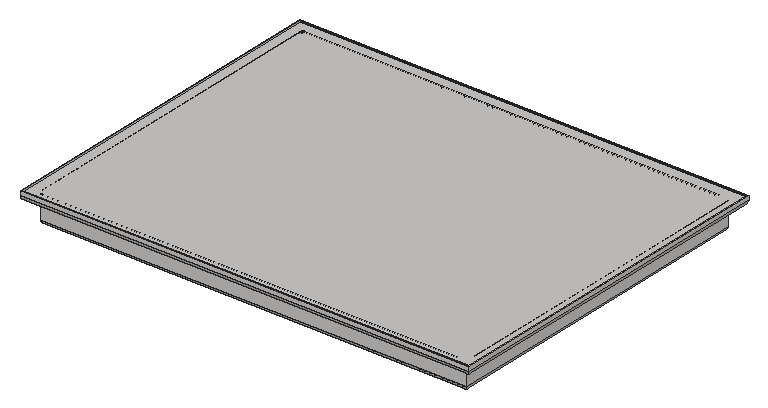
Revit family "Gorter RV 800x600mm", category Generic Models, host Face, Revit 2019
Family settings
  Host = Face
  Can host rebar = No
  Round Connector Dimension = Use Diameter
  Part Type = Normal
  Cut with Voids When Loaded = Yes
  Shared = Yes
  Room Calculation Point = No
Parameters (values of type "RV 800x600mm")
  vullen_met_beton = "ja"  # constant formula
  vergrendeling = "nee"  # constant formula
  uitwendige_lengte = 705 mm
  uitwendige_breedte = 905 mm
  sluiting = "4"  # constant formula
  scharnierend = "nee"  # constant formula
  rubberen_afdichting = "enkel"  # constant formula
  productgroep = ""
  materiaal = bcb_staal
  inbouwhoogte [instance] = 75 mm
  geïsoleerd = "nee"  # constant formula
  gewicht = "37"
  gasdrukveer = "nee"  # constant formula
  brandwerend 90 min = "nee"  # constant formula
  binnenmaat_lengte = uitwendige_lengte - 105 mm  # 600 mm
  binnenmaat_breedte = uitwendige_breedte - 105 mm  # 800 mm
  binnenluik = "tbv betonvulling"  # constant formula
  belasting = "15 kN"  # constant formula
  URL = ""
  Model = "RV"  # constant formula
  Manufacturer = "Gorter"  # constant formula
  Description = "RV 86"
  Default Elevation = 0 mm
Types (6, lengths in mm): name | uitwendige_lengte | uitwendige_breedte | gewicht | binnenmaat_lengte | binnenmaat_breedte | Description
  (no name) | 705 | 905 | "37" | 600 | 800 | "RV 86"
  RV 600x400mm | 505 | 705 | "22" | 400 | 600 | "RV 64"
  RV 600x600mm | 705 | 705 | "29" | 600 | 600 | "RV 66"
  RV 800x600mm | 705 | 905 | "37" | 600 | 800 | "RV 86"
  RV 800x800mm | 905 | 905 | "45" | 800 | 800 | "RV 88"
  RV 1000x1000mm | 1105 | 1105 | "45" | 1000 | 1000 | "RV 110"
Reference planes
  plane 1 "Center (Front/Back)": y = 0
  plane 2: z = 0
  plane 3 "Center (Left/Right)": x = 0
  plane 4: y = 352.5
  plane 5: y = -352.5
  plane 6: x = 452.5
  plane 7: x = -452.5
  plane 8: z = -75
  plane 9: x = -400
  plane 10: y = 300
  plane 11: y = -300
  plane 12: x = 400
  plane 13: x = -290.5
  plane 14: x = 290.5
  plane 15: y = -190.5
  plane 16: y = 190.5
  plane 17: x = -450.5
  plane 18: x = 450.5
  plane 19: y = 350.5
  plane 20: y = -350.5
Forms (mm)
  Sweep 1, solid, material "bcb_staal" <- "materiaal", detail levels medium+fine
    path origin (0, 0, 0) x (1, 0, 0) y (0, 1, 0)
      loop
        line (-452.5, 352.5) -> (-452.5, -352.5) -> (452.5, -352.5) -> (452.5, 352.5) -> (-452.5, 352.5)
    profile origin (-452.5, 0, 0) x (-1, 0, 0) y (0, 0, 1)
      loop
        line (-2.047, 0) -> (-2.047, -8.5)
        arc (-2.047, -8.5) -> (-5.504, -13.256) -> (-11.095, -11.435) r 5
        line (-11.095, -11.435) -> (-14.687, -6.482)
        arc (-14.687, -6.482) -> (-21.396, -4.292) -> (-25.547, -10) r 6
        line (-25.547, -10) -> (-25.547, -55.5)
        arc (-25.547, -55.5) -> (-26.28, -57.268) -> (-28.047, -58) r 2.5
        line (-28.047, -58) -> (-52.5, -58) -> (-52.5, -60) -> (-28.547, -60)
        arc (-28.547, -60) -> (-25.012, -58.536) -> (-23.547, -55) r 5
        line (-23.547, -55) -> (-23.547, -10)
        arc (-23.547, -10) -> (-20.781, -6.195) -> (-16.308, -7.654) r 4
        line (-16.308, -7.654) -> (-12.714, -12.609)
        arc (-12.714, -12.609) -> (-4.887, -15.158) -> (-0.047, -8.5) r 7
        line (-0.047, -8.5) -> (-0.047, 0) -> (-2.047, 0)
  Sweep 2, solid, material "bcb_staal" <- "materiaal", detail levels coarse
    path origin (0, 0, 0) x (1, 0, 0) y (0, 1, 0)
      loop
        line (-452.5, 352.5) -> (-452.5, -352.5) -> (452.5, -352.5) -> (452.5, 352.5) -> (-452.5, 352.5)
    profile origin (-452.5, 0, 0) x (-1, 0, 0) y (0, 0, 1)
      loop
        line (-0.047, 0) -> (-25.547, 0) -> (-25.547, -56) -> (-52.5, -56) -> (-52.5, -60) -> (-23.547, -60) -> (-23.547, -15.5) -> (-0.047, -15.5) -> (-0.047, 0)
  Extrusion 3, void
    sketch origin (0, 0, 0) x (1, 0, 0) y (0, 1, 0)
      loop
        line (-290.5, -190.5) -> (290.5, -190.5) -> (290.5, 190.5) -> (-290.5, 190.5) -> (-290.5, -190.5)
    from -500 to 10
  Sweep 4, void
    path origin (0, 0, 0) x (1, 0, 0) y (0, 1, 0)
      loop
        line (-452.5, 352.5) -> (-452.5, -352.5) -> (452.5, -352.5) -> (452.5, 352.5) -> (-452.5, 352.5)
    profile origin (-452.5, 0, 0) x (-1, 0, 0) y (0, 0, 1)
      loop
        line (-23.547, -60) -> (-23.547, -15.5) -> (0, -15.5) -> (0, 5) -> (-162, 5) -> (-162, -365) -> (-52.5, -365) -> (-52.5, -60) -> (-23.547, -60)
  Extrusion 5, solid, material "bcb_staal"
    sketch origin (0, 0, 0) x (1, 0, 0) y (0, 1, 0)
      loop
        line (-450.5, 350.5) -> (-450.5, -350.5) -> (450.5, -350.5) -> (450.5, 350.5) -> (-450.5, 350.5)
    from -4 to -1
Dimensions and locks
  equal spacing: plane 7, plane 3 "Center (Left/Right)", plane 6
  "uitwendige_breedte": plane 7 to plane 6
  equal spacing: plane 4, plane 1 "Center (Front/Back)", plane 5
  "uitwendige_lengte": plane 4 to plane 5
  locked: plane 4 to plane 10 at 52.5
  locked: plane 7 to plane 9 at 52.5
  locked: plane 12 to plane 6 at 52.5
  locked: plane 5 to plane 11 at 52.5
  locked: plane 9 to plane 13 at 109.5
  locked: plane 14 to plane 12 at 109.5
  locked: plane 15 to plane 11 at 109.5
  locked: plane 10 to plane 16 at 109.5
  locked: plane 18 to plane 6 at 2
  locked: plane 7 to plane 17 at 2
  locked: plane 4 to plane 19 at 2
  locked: plane 20 to plane 5 at 2
  aligned and locked: plane 2 to host face
  aligned and locked: level to host face
  aligned and locked: Sweep 1 sketch curve to plane 4
  aligned and locked: plane 7 to Sweep 1 sketch curve
  aligned and locked: plane 5 to Sweep 1 sketch curve
  aligned and locked: Sweep 1 sketch curve to plane 6
  aligned and locked: Extrusion 3 to plane 16
  aligned and locked: Extrusion 3 to plane 14
  aligned and locked: Extrusion 3 to plane 15
  aligned and locked: Extrusion 3 to plane 13
  aligned and locked: Sweep 4 sketch curve to plane 4
  aligned and locked: Sweep 4 sketch curve to plane 6
  aligned and locked: plane 5 to Sweep 4 sketch curve
  aligned and locked: plane 7 to Sweep 4 sketch curve
  aligned and locked: Extrusion 5 sketch curve to plane 19
  aligned and locked: plane 17 to Extrusion 5 sketch curve
  aligned and locked: plane 20 to Extrusion 5 sketch curve
  aligned and locked: Extrusion 5 sketch curve to plane 18
Automatic sketch dimensions
  host sketch curve to host sketch curve = 2000 mm  (x2)
  Extrusion 3 sketch curve to plane 11 = 109.5 mm
  Extrusion 3 sketch curve to plane 1 "Center (Front/Back)" = 190.5 mm
  Extrusion 3 sketch curve to plane 13 = 0 mm
  Extrusion 3 sketch curve to plane 14 = 0 mm
  Sweep 2 sketch curve to plane 5 = 0 mm
  Sweep 2 sketch curve to plane 7 = 0 mm
  Sweep 2 sketch curve to plane 6 = 0 mm
  Sweep 2 sketch curve to plane 4 = 0 mm
  Sweep 4 sketch curve to profile plane = 0 mm
  level to Sweep 4 sketch curve = 5 mm
  profile plane to Sweep 4 sketch curve = 23.547 mm
  Sweep 4 sketch curve to level = 15.5 mm
  Sweep 4 sketch curve to Sweep 4 sketch curve = 44.5 mm
  Sweep 4 sketch curve to Sweep 4 sketch curve = 305 mm
  Sweep 4 sketch curve to Sweep 4 sketch curve = 28.953 mm
  Sweep 4 sketch curve to Sweep 4 sketch curve = 109.5 mm
  Sweep 2 sketch curve to level = 0 mm
  profile plane to Sweep 2 sketch curve = 52.5 mm
  profile plane to Sweep 2 sketch curve = 25.547 mm
  Sweep 2 sketch curve to Sweep 2 sketch curve = 2 mm
  profile plane to Sweep 2 sketch curve = 0.047 mm
  Sweep 2 sketch curve to level = 15.5 mm
  Sweep 2 sketch curve to Sweep 2 sketch curve = 40.5 mm
  Sweep 2 sketch curve to Sweep 2 sketch curve = 4 mm
  Sweep 1 sketch curve to Sweep 1 sketch curve = 0 mm  (x4)
  Sweep 1 sketch curve to level = 0 mm
  profile plane to Sweep 1 sketch curve = 52.5 mm
  Sweep 1 sketch curve to Sweep 1 sketch curve = 23.953 mm
  Sweep 1 sketch curve to Sweep 1 sketch curve = 0.5 mm  (x2)
  Sweep 1 sketch curve to Sweep 1 sketch curve = 2.5 mm
  Sweep 1 sketch curve to Sweep 1 sketch curve = 2 mm
  Sweep 1 sketch curve to Sweep 1 sketch curve = 4 mm
  Sweep 1 sketch curve to level = 7.654 mm
  Sweep 1 sketch curve to Sweep 1 sketch curve = 3.24 mm
  Sweep 1 sketch curve to level = 6.482 mm
  Sweep 1 sketch curve to Sweep 1 sketch curve = 3.593 mm
  Sweep 1 sketch curve to Sweep 1 sketch curve = 1.619 mm
  Sweep 1 sketch curve to Sweep 1 sketch curve = 4.048 mm
  profile plane to Sweep 1 sketch curve = 2.047 mm
  profile plane to Sweep 1 sketch curve = 0.047 mm
  Sweep 1 sketch curve to Sweep 1 sketch curve = 4.953 mm
  Sweep 1 sketch curve to Sweep 1 sketch curve = 42.391 mm
